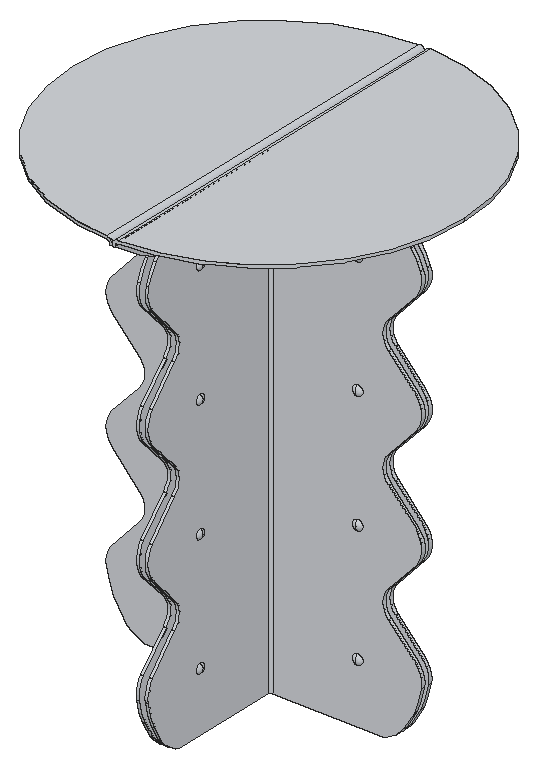
Revit family "YCSA.00.00.00.02", category Мебель, Revit 2014 (continued)
Forms (mm)
  Revolve 98, void
    sketch origin (96, -200, 370.5) x (0, -1, 0) y (0, 0, -1)
      loop
        line (-206, -66.75) -> (-200, -66.75) -> (-200, -64.25) -> (-206, -64.25) -> (-206, -66.75)
      axis (-200, -61.75) -> (-206, -61.75)
    angle from 0 to 360
  Extrusion 99, solid, not visible
    sketch origin (0, -31.862, 123.5) x (1, 0, 0) y (0, 0, 1)
      loop
        circle (-96, 61.75) r 5
    from 0 to 9
  Revolve 100, void, not visible
    sketch origin (-96, 168.138, 123.5) x (0, 1, 0) y (0, 0, 1)
      loop
        line (-206, 66.75) -> (-209, 66.75) -> (-209, 61.75)
        arc (-209, 61.75) -> (-208.192, 64.665) -> (-206, 66.75) r 5.667
      axis (-209, 61.75) -> (-206, 61.75)
    angle from 0 to 360
  Revolve 101, void, not visible
    sketch origin (-96, 168.138, 123.5) x (0, 1, 0) y (0, 0, 1)
      loop
        line (-206, 66.75) -> (-206, 64.25) -> (-200, 64.25) -> (-200, 66.75) -> (-206, 66.75)
      axis (-200, 61.75) -> (-206, 61.75)
    angle from 0 to 360
  Extrusion 102, solid, not visible
    sketch origin (0, -31.862, 123.5) x (1, 0, 0) y (0, 0, -1)
      loop
        circle (-96, -61.75) r 5
    from 0 to 9
  Revolve 103, void, not visible
    sketch origin (-96, -231.862, 123.5) x (0, -1, 0) y (0, 0, -1)
      loop
        arc (-206, -66.75) -> (-208.192, -64.665) -> (-209, -61.75) r 5.667
        line (-209, -61.75) -> (-209, -66.75) -> (-206, -66.75)
      axis (-209, -61.75) -> (-206, -61.75)
    angle from 0 to 360
  Revolve 104, void, not visible
    sketch origin (-96, -231.862, 123.5) x (0, -1, 0) y (0, 0, -1)
      loop
        line (-206, -66.75) -> (-200, -66.75) -> (-200, -64.25) -> (-206, -64.25) -> (-206, -66.75)
      axis (-200, -61.75) -> (-206, -61.75)
    angle from 0 to 360
  Extrusion 105, solid, not visible
    sketch origin (192, -31.862, 123.5) x (1, 0, 0) y (0, 0, 1)
      loop
        circle (-96, 61.75) r 5
    from 0 to 9
  Revolve 106, void, not visible
    sketch origin (96, 168.138, 123.5) x (0, 1, 0) y (0, 0, 1)
      loop
        line (-206, 66.75) -> (-209, 66.75) -> (-209, 61.75)
        arc (-209, 61.75) -> (-208.192, 64.665) -> (-206, 66.75) r 5.667
      axis (-209, 61.75) -> (-206, 61.75)
    angle from 0 to 360
  Revolve 107, void, not visible
    sketch origin (96, 168.138, 123.5) x (0, 1, 0) y (0, 0, 1)
      loop
        line (-206, 66.75) -> (-206, 64.25) -> (-200, 64.25) -> (-200, 66.75) -> (-206, 66.75)
      axis (-200, 61.75) -> (-206, 61.75)
    angle from 0 to 360
  Extrusion 108, solid, not visible
    sketch origin (192, -31.862, 123.5) x (1, 0, 0) y (0, 0, -1)
      loop
        circle (-96, -61.75) r 5
    from 0 to 9
  Revolve 109, void, not visible
    sketch origin (96, -231.862, 123.5) x (0, -1, 0) y (0, 0, -1)
      loop
        arc (-206, -66.75) -> (-208.192, -64.665) -> (-209, -61.75) r 5.667
        line (-209, -61.75) -> (-209, -66.75) -> (-206, -66.75)
      axis (-209, -61.75) -> (-206, -61.75)
    angle from 0 to 360
  Revolve 110, void, not visible
    sketch origin (96, -231.862, 123.5) x (0, -1, 0) y (0, 0, -1)
      loop
        line (-206, -66.75) -> (-200, -66.75) -> (-200, -64.25) -> (-206, -64.25) -> (-206, -66.75)
      axis (-200, -61.75) -> (-206, -61.75)
    angle from 0 to 360
  Extrusion 111, solid, not visible
    sketch origin (0, -31.862, 247) x (1, 0, 0) y (0, 0, 1)
      loop
        circle (-96, 61.75) r 5
    from 0 to 9
  Revolve 112, void, not visible
    sketch origin (-96, 168.138, 247) x (0, 1, 0) y (0, 0, 1)
      loop
        line (-206, 66.75) -> (-209, 66.75) -> (-209, 61.75)
        arc (-209, 61.75) -> (-208.192, 64.665) -> (-206, 66.75) r 5.667
      axis (-209, 61.75) -> (-206, 61.75)
    angle from 0 to 360
  Revolve 113, void, not visible
    sketch origin (-96, 168.138, 247) x (0, 1, 0) y (0, 0, 1)
      loop
        line (-206, 66.75) -> (-206, 64.25) -> (-200, 64.25) -> (-200, 66.75) -> (-206, 66.75)
      axis (-200, 61.75) -> (-206, 61.75)
    angle from 0 to 360
  Extrusion 114, solid, not visible
    sketch origin (0, -31.862, 247) x (1, 0, 0) y (0, 0, -1)
      loop
        circle (-96, -61.75) r 5
    from 0 to 9
  Revolve 115, void, not visible
    sketch origin (-96, -231.862, 247) x (0, -1, 0) y (0, 0, -1)
      loop
        arc (-206, -66.75) -> (-208.192, -64.665) -> (-209, -61.75) r 5.667
        line (-209, -61.75) -> (-209, -66.75) -> (-206, -66.75)
      axis (-209, -61.75) -> (-206, -61.75)
    angle from 0 to 360
  Revolve 116, void, not visible
    sketch origin (-96, -231.862, 247) x (0, -1, 0) y (0, 0, -1)
      loop
        line (-206, -66.75) -> (-200, -66.75) -> (-200, -64.25) -> (-206, -64.25) -> (-206, -66.75)
      axis (-200, -61.75) -> (-206, -61.75)
    angle from 0 to 360
  Extrusion 117, solid, not visible
    sketch origin (192, -31.862, 247) x (1, 0, 0) y (0, 0, 1)
      loop
        circle (-96, 61.75) r 5
    from 0 to 9
  Revolve 118, void, not visible
    sketch origin (96, 168.138, 247) x (0, 1, 0) y (0, 0, 1)
      loop
        line (-206, 66.75) -> (-209, 66.75) -> (-209, 61.75)
        arc (-209, 61.75) -> (-208.192, 64.665) -> (-206, 66.75) r 5.667
      axis (-209, 61.75) -> (-206, 61.75)
    angle from 0 to 360
  Revolve 119, void, not visible
    sketch origin (96, 168.138, 247) x (0, 1, 0) y (0, 0, 1)
      loop
        line (-206, 66.75) -> (-206, 64.25) -> (-200, 64.25) -> (-200, 66.75) -> (-206, 66.75)
      axis (-200, 61.75) -> (-206, 61.75)
    angle from 0 to 360
  Extrusion 120, solid, not visible
    sketch origin (192, -31.862, 247) x (1, 0, 0) y (0, 0, -1)
      loop
        circle (-96, -61.75) r 5
    from 0 to 9
  Revolve 121, void, not visible
    sketch origin (96, -231.862, 247) x (0, -1, 0) y (0, 0, -1)
      loop
        arc (-206, -66.75) -> (-208.192, -64.665) -> (-209, -61.75) r 5.667
        line (-209, -61.75) -> (-209, -66.75) -> (-206, -66.75)
      axis (-209, -61.75) -> (-206, -61.75)
    angle from 0 to 360
  Revolve 122, void, not visible
    sketch origin (96, -231.862, 247) x (0, -1, 0) y (0, 0, -1)
      loop
        line (-206, -66.75) -> (-200, -66.75) -> (-200, -64.25) -> (-206, -64.25) -> (-206, -66.75)
      axis (-200, -61.75) -> (-206, -61.75)
    angle from 0 to 360
  Extrusion 123, solid, not visible
    sketch origin (0, -31.862, 370.5) x (1, 0, 0) y (0, 0, 1)
      loop
        circle (-96, 61.75) r 5
    from 0 to 9
  Revolve 124, void, not visible
    sketch origin (-96, 168.138, 370.5) x (0, 1, 0) y (0, 0, 1)
      loop
        line (-206, 66.75) -> (-209, 66.75) -> (-209, 61.75)
        arc (-209, 61.75) -> (-208.192, 64.665) -> (-206, 66.75) r 5.667
      axis (-209, 61.75) -> (-206, 61.75)
    angle from 0 to 360
  Revolve 125, void, not visible
    sketch origin (-96, 168.138, 370.5) x (0, 1, 0) y (0, 0, 1)
      loop
        line (-206, 66.75) -> (-206, 64.25) -> (-200, 64.25) -> (-200, 66.75) -> (-206, 66.75)
      axis (-200, 61.75) -> (-206, 61.75)
    angle from 0 to 360
  Extrusion 126, solid, not visible
    sketch origin (0, -31.862, 370.5) x (1, 0, 0) y (0, 0, -1)
      loop
        circle (-96, -61.75) r 5
    from 0 to 9
  Revolve 127, void, not visible
    sketch origin (-96, -231.862, 370.5) x (0, -1, 0) y (0, 0, -1)
      loop
        arc (-206, -66.75) -> (-208.192, -64.665) -> (-209, -61.75) r 5.667
        line (-209, -61.75) -> (-209, -66.75) -> (-206, -66.75)
      axis (-209, -61.75) -> (-206, -61.75)
    angle from 0 to 360
  Revolve 128, void, not visible
    sketch origin (-96, -231.862, 370.5) x (0, -1, 0) y (0, 0, -1)
      loop
        line (-206, -66.75) -> (-200, -66.75) -> (-200, -64.25) -> (-206, -64.25) -> (-206, -66.75)
      axis (-200, -61.75) -> (-206, -61.75)
    angle from 0 to 360
  Extrusion 129, solid, not visible
    sketch origin (192, -31.862, 370.5) x (1, 0, 0) y (0, 0, 1)
      loop
        circle (-96, 61.75) r 5
    from 0 to 9
  Revolve 130, void, not visible
    sketch origin (96, 168.138, 370.5) x (0, 1, 0) y (0, 0, 1)
      loop
        line (-206, 66.75) -> (-209, 66.75) -> (-209, 61.75)
        arc (-209, 61.75) -> (-208.192, 64.665) -> (-206, 66.75) r 5.667
      axis (-209, 61.75) -> (-206, 61.75)
    angle from 0 to 360
  Revolve 131, void, not visible
    sketch origin (96, 168.138, 370.5) x (0, 1, 0) y (0, 0, 1)
      loop
        line (-206, 66.75) -> (-206, 64.25) -> (-200, 64.25) -> (-200, 66.75) -> (-206, 66.75)
      axis (-200, 61.75) -> (-206, 61.75)
    angle from 0 to 360
  Extrusion 132, solid, not visible
    sketch origin (192, -31.862, 370.5) x (1, 0, 0) y (0, 0, -1)
      loop
        circle (-96, -61.75) r 5
    from 0 to 9
  Revolve 133, void, not visible
    sketch origin (96, -231.862, 370.5) x (0, -1, 0) y (0, 0, -1)
      loop
        arc (-206, -66.75) -> (-208.192, -64.665) -> (-209, -61.75) r 5.667
        line (-209, -61.75) -> (-209, -66.75) -> (-206, -66.75)
      axis (-209, -61.75) -> (-206, -61.75)
    angle from 0 to 360
  Revolve 134, void, not visible
    sketch origin (96, -231.862, 370.5) x (0, -1, 0) y (0, 0, -1)
      loop
        line (-206, -66.75) -> (-200, -66.75) -> (-200, -64.25) -> (-206, -64.25) -> (-206, -66.75)
      axis (-200, -61.75) -> (-206, -61.75)
    angle from 0 to 360
  Extrusion 135, solid
    sketch origin (0, 0, 0) x (0, -1, 0) y (0, 0, 1)
      loop
        circle (-96, 61.75) r 5
    from 0 to 9
  Revolve 136, void
    sketch origin (200, 96, 0) x (1, 0, 0) y (0, 0, 1)
      loop
        line (-206, 66.75) -> (-209, 66.75) -> (-209, 61.75)
        arc (-209, 61.75) -> (-208.192, 64.665) -> (-206, 66.75) r 5.667
      axis (-209, 61.75) -> (-206, 61.75)
    angle from 0 to 360
  Revolve 137, void
    sketch origin (200, 96, 0) x (1, 0, 0) y (0, 0, 1)
      loop
        line (-206, 66.75) -> (-206, 64.25) -> (-200, 64.25) -> (-200, 66.75) -> (-206, 66.75)
      axis (-200, 61.75) -> (-206, 61.75)
    angle from 0 to 360
  Extrusion 138, solid
    sketch origin (0, 0, 0) x (0, -1, 0) y (0, 0, -1)
      loop
        circle (-96, -61.75) r 5
    from 0 to 9
  Revolve 139, void
    sketch origin (-200, 96, 0) x (-1, 0, 0) y (0, 0, -1)
      loop
        arc (-206, -66.75) -> (-208.192, -64.665) -> (-209, -61.75) r 5.667
        line (-209, -61.75) -> (-209, -66.75) -> (-206, -66.75)
      axis (-209, -61.75) -> (-206, -61.75)
    angle from 0 to 360
  Revolve 140, void
    sketch origin (-200, 96, 0) x (-1, 0, 0) y (0, 0, -1)
      loop
        line (-206, -66.75) -> (-200, -66.75) -> (-200, -64.25) -> (-206, -64.25) -> (-206, -66.75)
      axis (-200, -61.75) -> (-206, -61.75)
    angle from 0 to 360
  Extrusion 141, solid
    sketch origin (0, -192, 0) x (0, -1, 0) y (0, 0, 1)
      loop
        circle (-96, 61.75) r 5
    from 0 to 9
  Revolve 142, void
    sketch origin (200, -96, 0) x (1, 0, 0) y (0, 0, 1)
      loop
        line (-206, 66.75) -> (-209, 66.75) -> (-209, 61.75)
        arc (-209, 61.75) -> (-208.192, 64.665) -> (-206, 66.75) r 5.667
      axis (-209, 61.75) -> (-206, 61.75)
    angle from 0 to 360
  Revolve 143, void
    sketch origin (200, -96, 0) x (1, 0, 0) y (0, 0, 1)
      loop
        line (-206, 66.75) -> (-206, 64.25) -> (-200, 64.25) -> (-200, 66.75) -> (-206, 66.75)
      axis (-200, 61.75) -> (-206, 61.75)
    angle from 0 to 360
  Extrusion 144, solid
    sketch origin (0, -192, 0) x (0, -1, 0) y (0, 0, -1)
      loop
        circle (-96, -61.75) r 5
    from 0 to 9
  Revolve 145, void
    sketch origin (-200, -96, 0) x (-1, 0, 0) y (0, 0, -1)
      loop
        arc (-206, -66.75) -> (-208.192, -64.665) -> (-209, -61.75) r 5.667
        line (-209, -61.75) -> (-209, -66.75) -> (-206, -66.75)
      axis (-209, -61.75) -> (-206, -61.75)
    angle from 0 to 360
  Revolve 146, void
    sketch origin (-200, -96, 0) x (-1, 0, 0) y (0, 0, -1)
      loop
        line (-206, -66.75) -> (-200, -66.75) -> (-200, -64.25) -> (-206, -64.25) -> (-206, -66.75)
      axis (-200, -61.75) -> (-206, -61.75)
    angle from 0 to 360
  Extrusion 147, solid
    sketch origin (0, 0, 123.5) x (0, -1, 0) y (0, 0, 1)
      loop
        circle (-96, 61.75) r 5
    from 0 to 9
  Revolve 148, void
    sketch origin (200, 96, 123.5) x (1, 0, 0) y (0, 0, 1)
      loop
        line (-206, 66.75) -> (-209, 66.75) -> (-209, 61.75)
        arc (-209, 61.75) -> (-208.192, 64.665) -> (-206, 66.75) r 5.667
      axis (-209, 61.75) -> (-206, 61.75)
    angle from 0 to 360
  Revolve 149, void
    sketch origin (200, 96, 123.5) x (1, 0, 0) y (0, 0, 1)
      loop
        line (-206, 66.75) -> (-206, 64.25) -> (-200, 64.25) -> (-200, 66.75) -> (-206, 66.75)
      axis (-200, 61.75) -> (-206, 61.75)
    angle from 0 to 360
  Extrusion 150, solid
    sketch origin (0, 0, 123.5) x (0, -1, 0) y (0, 0, -1)
      loop
        circle (-96, -61.75) r 5
    from 0 to 9
  Revolve 151, void
    sketch origin (-200, 96, 123.5) x (-1, 0, 0) y (0, 0, -1)
      loop
        arc (-206, -66.75) -> (-208.192, -64.665) -> (-209, -61.75) r 5.667
        line (-209, -61.75) -> (-209, -66.75) -> (-206, -66.75)
      axis (-209, -61.75) -> (-206, -61.75)
    angle from 0 to 360
  Revolve 152, void
    sketch origin (-200, 96, 123.5) x (-1, 0, 0) y (0, 0, -1)
      loop
        line (-206, -66.75) -> (-200, -66.75) -> (-200, -64.25) -> (-206, -64.25) -> (-206, -66.75)
      axis (-200, -61.75) -> (-206, -61.75)
    angle from 0 to 360
  Extrusion 153, solid
    sketch origin (0, -192, 123.5) x (0, -1, 0) y (0, 0, 1)
      loop
        circle (-96, 61.75) r 5
    from 0 to 9
  Revolve 154, void
    sketch origin (200, -96, 123.5) x (1, 0, 0) y (0, 0, 1)
      loop
        line (-206, 66.75) -> (-209, 66.75) -> (-209, 61.75)
        arc (-209, 61.75) -> (-208.192, 64.665) -> (-206, 66.75) r 5.667
      axis (-209, 61.75) -> (-206, 61.75)
    angle from 0 to 360
  Revolve 155, void
    sketch origin (200, -96, 123.5) x (1, 0, 0) y (0, 0, 1)
      loop
        line (-206, 66.75) -> (-206, 64.25) -> (-200, 64.25) -> (-200, 66.75) -> (-206, 66.75)
      axis (-200, 61.75) -> (-206, 61.75)
    angle from 0 to 360
  Extrusion 156, solid
    sketch origin (0, -192, 123.5) x (0, -1, 0) y (0, 0, -1)
      loop
        circle (-96, -61.75) r 5
    from 0 to 9
  Revolve 157, void
    sketch origin (-200, -96, 123.5) x (-1, 0, 0) y (0, 0, -1)
      loop
        arc (-206, -66.75) -> (-208.192, -64.665) -> (-209, -61.75) r 5.667
        line (-209, -61.75) -> (-209, -66.75) -> (-206, -66.75)
      axis (-209, -61.75) -> (-206, -61.75)
    angle from 0 to 360
  Revolve 158, void
    sketch origin (-200, -96, 123.5) x (-1, 0, 0) y (0, 0, -1)
      loop
        line (-206, -66.75) -> (-200, -66.75) -> (-200, -64.25) -> (-206, -64.25) -> (-206, -66.75)
      axis (-200, -61.75) -> (-206, -61.75)
    angle from 0 to 360
  Extrusion 159, solid
    sketch origin (0, 0, 247) x (0, -1, 0) y (0, 0, 1)
      loop
        circle (-96, 61.75) r 5
    from 0 to 9
  Revolve 160, void
    sketch origin (200, 96, 247) x (1, 0, 0) y (0, 0, 1)
      loop
        line (-206, 66.75) -> (-209, 66.75) -> (-209, 61.75)
        arc (-209, 61.75) -> (-208.192, 64.665) -> (-206, 66.75) r 5.667
      axis (-209, 61.75) -> (-206, 61.75)
    angle from 0 to 360
  Revolve 161, void
    sketch origin (200, 96, 247) x (1, 0, 0) y (0, 0, 1)
      loop
        line (-206, 66.75) -> (-206, 64.25) -> (-200, 64.25) -> (-200, 66.75) -> (-206, 66.75)
      axis (-200, 61.75) -> (-206, 61.75)
    angle from 0 to 360
  Extrusion 162, solid
    sketch origin (0, 0, 247) x (0, -1, 0) y (0, 0, -1)
      loop
        circle (-96, -61.75) r 5
    from 0 to 9
  Revolve 163, void
    sketch origin (-200, 96, 247) x (-1, 0, 0) y (0, 0, -1)
      loop
        arc (-206, -66.75) -> (-208.192, -64.665) -> (-209, -61.75) r 5.667
        line (-209, -61.75) -> (-209, -66.75) -> (-206, -66.75)
      axis (-209, -61.75) -> (-206, -61.75)
    angle from 0 to 360
  Revolve 164, void
    sketch origin (-200, 96, 247) x (-1, 0, 0) y (0, 0, -1)
      loop
        line (-206, -66.75) -> (-200, -66.75) -> (-200, -64.25) -> (-206, -64.25) -> (-206, -66.75)
      axis (-200, -61.75) -> (-206, -61.75)
    angle from 0 to 360
  Extrusion 165, solid
    sketch origin (0, -192, 247) x (0, -1, 0) y (0, 0, 1)
      loop
        circle (-96, 61.75) r 5
    from 0 to 9
  Revolve 166, void
    sketch origin (200, -96, 247) x (1, 0, 0) y (0, 0, 1)
      loop
        line (-206, 66.75) -> (-209, 66.75) -> (-209, 61.75)
        arc (-209, 61.75) -> (-208.192, 64.665) -> (-206, 66.75) r 5.667
      axis (-209, 61.75) -> (-206, 61.75)
    angle from 0 to 360
  Revolve 167, void
    sketch origin (200, -96, 247) x (1, 0, 0) y (0, 0, 1)
      loop
        line (-206, 66.75) -> (-206, 64.25) -> (-200, 64.25) -> (-200, 66.75) -> (-206, 66.75)
      axis (-200, 61.75) -> (-206, 61.75)
    angle from 0 to 360
  Extrusion 168, solid
    sketch origin (0, -192, 247) x (0, -1, 0) y (0, 0, -1)
      loop
        circle (-96, -61.75) r 5
    from 0 to 9
  Revolve 169, void
    sketch origin (-200, -96, 247) x (-1, 0, 0) y (0, 0, -1)
      loop
        arc (-206, -66.75) -> (-208.192, -64.665) -> (-209, -61.75) r 5.667
        line (-209, -61.75) -> (-209, -66.75) -> (-206, -66.75)
      axis (-209, -61.75) -> (-206, -61.75)
    angle from 0 to 360
  Revolve 170, void
    sketch origin (-200, -96, 247) x (-1, 0, 0) y (0, 0, -1)
      loop
        line (-206, -66.75) -> (-200, -66.75) -> (-200, -64.25) -> (-206, -64.25) -> (-206, -66.75)
      axis (-200, -61.75) -> (-206, -61.75)
    angle from 0 to 360
  Extrusion 171, solid
    sketch origin (0, 0, 370.5) x (0, -1, 0) y (0, 0, 1)
      loop
        circle (-96, 61.75) r 5
    from 0 to 9
  Revolve 172, void
    sketch origin (200, 96, 370.5) x (1, 0, 0) y (0, 0, 1)
      loop
        line (-206, 66.75) -> (-209, 66.75) -> (-209, 61.75)
        arc (-209, 61.75) -> (-208.192, 64.665) -> (-206, 66.75) r 5.667
      axis (-209, 61.75) -> (-206, 61.75)
    angle from 0 to 360
  Revolve 173, void
    sketch origin (200, 96, 370.5) x (1, 0, 0) y (0, 0, 1)
      loop
        line (-206, 66.75) -> (-206, 64.25) -> (-200, 64.25) -> (-200, 66.75) -> (-206, 66.75)
      axis (-200, 61.75) -> (-206, 61.75)
    angle from 0 to 360
  Extrusion 174, solid
    sketch origin (0, 0, 370.5) x (0, -1, 0) y (0, 0, -1)
      loop
        circle (-96, -61.75) r 5
    from 0 to 9
  Revolve 175, void
    sketch origin (-200, 96, 370.5) x (-1, 0, 0) y (0, 0, -1)
      loop
        arc (-206, -66.75) -> (-208.192, -64.665) -> (-209, -61.75) r 5.667
        line (-209, -61.75) -> (-209, -66.75) -> (-206, -66.75)
      axis (-209, -61.75) -> (-206, -61.75)
    angle from 0 to 360
  Revolve 176, void
    sketch origin (-200, 96, 370.5) x (-1, 0, 0) y (0, 0, -1)
      loop
        line (-206, -66.75) -> (-200, -66.75) -> (-200, -64.25) -> (-206, -64.25) -> (-206, -66.75)
      axis (-200, -61.75) -> (-206, -61.75)
    angle from 0 to 360
  Extrusion 177, solid
    sketch origin (0, -192, 370.5) x (0, -1, 0) y (0, 0, 1)
      loop
        circle (-96, 61.75) r 5
    from 0 to 9
  Revolve 178, void
    sketch origin (200, -96, 370.5) x (1, 0, 0) y (0, 0, 1)
      loop
        line (-206, 66.75) -> (-209, 66.75) -> (-209, 61.75)
        arc (-209, 61.75) -> (-208.192, 64.665) -> (-206, 66.75) r 5.667
      axis (-209, 61.75) -> (-206, 61.75)
    angle from 0 to 360
  Revolve 179, void
    sketch origin (200, -96, 370.5) x (1, 0, 0) y (0, 0, 1)
      loop
        line (-206, 66.75) -> (-206, 64.25) -> (-200, 64.25) -> (-200, 66.75) -> (-206, 66.75)
      axis (-200, 61.75) -> (-206, 61.75)
    angle from 0 to 360
  Extrusion 180, solid
    sketch origin (0, -192, 370.5) x (0, -1, 0) y (0, 0, -1)
      loop
        circle (-96, -61.75) r 5
    from 0 to 9
  Revolve 181, void
    sketch origin (-200, -96, 370.5) x (-1, 0, 0) y (0, 0, -1)
      loop
        arc (-206, -66.75) -> (-208.192, -64.665) -> (-209, -61.75) r 5.667
        line (-209, -61.75) -> (-209, -66.75) -> (-206, -66.75)
      axis (-209, -61.75) -> (-206, -61.75)
    angle from 0 to 360
  Revolve 182, void
    sketch origin (-200, -96, 370.5) x (-1, 0, 0) y (0, 0, -1)
      loop
        line (-206, -66.75) -> (-200, -66.75) -> (-200, -64.25) -> (-206, -64.25) -> (-206, -66.75)
      axis (-200, -61.75) -> (-206, -61.75)
    angle from 0 to 360
Cuts and joins
  Extrusion 2, Extrusion 3, Extrusion 4, Extrusion 10, Extrusion 11, Extrusion 12, Extrusion 21 cuts Extrusion 1
  Extrusion 10, Extrusion 11, Extrusion 12 cuts Extrusion 9
  Extrusion 14, Extrusion 15, Extrusion 17, Extrusion 18, Revolve 53, Revolve 137, Revolve 149, Revolve 161, Revolve 173 cuts Extrusion 13
  Extrusion 17, Extrusion 18, Extrusion 20, Extrusion 21, Revolve 56, Revolve 140, Revolve 152, Revolve 164, Revolve 176 cuts Extrusion 16
  Extrusion 20, Extrusion 21, Extrusion 23, Extrusion 24, Revolve 146, Revolve 158, Revolve 170, Revolve 182 cuts Extrusion 19
  Extrusion 23, Extrusion 24, Revolve 143, Revolve 155, Revolve 167, Revolve 179 cuts Extrusion 22
  Revolve 40, Revolve 41, Revolve 43, Revolve 44, Revolve 52, Revolve 53, Revolve 64, Revolve 65, Revolve 136, Revolve 137 cuts Extrusion 39
  Revolve 43, Revolve 44, Revolve 55, Revolve 56, Revolve 67, Revolve 68, Revolve 139, Revolve 140 cuts Extrusion 42
  Revolve 52, Revolve 53, Revolve 70, Revolve 71, Revolve 142, Revolve 143 cuts Extrusion 51
  Revolve 53, Revolve 55, Revolve 56, Revolve 73, Revolve 74, Revolve 145, Revolve 146 cuts Extrusion 54
  Revolve 64, Revolve 65, Revolve 76, Revolve 77, Revolve 80, Revolve 148, Revolve 149 cuts Extrusion 63
  Revolve 137, Revolve 140, Revolve 143, Revolve 146, Revolve 149, Revolve 152, Revolve 155, Revolve 158, Revolve 161, Revolve 164, Revolve 167, Revolve 170, Revolve 173, Revolve 176, Revolve 179, Revolve 182 cuts Extrusion 38
  Revolve 65, Revolve 67, Revolve 68, Revolve 77, Revolve 79, Revolve 80, Revolve 151, Revolve 152 cuts Extrusion 66
  Revolve 70, Revolve 71, Revolve 82, Revolve 83, Revolve 86, Revolve 154, Revolve 155 cuts Extrusion 69
  Revolve 67, Revolve 71, Revolve 73, Revolve 74, Revolve 83, Revolve 85, Revolve 86, Revolve 157, Revolve 158 cuts Extrusion 72
  Revolve 76, Revolve 77, Revolve 88, Revolve 89, Revolve 92, Revolve 160, Revolve 161 cuts Extrusion 75
  Revolve 77, Revolve 79, Revolve 80, Revolve 89, Revolve 91, Revolve 92, Revolve 163, Revolve 164 cuts Extrusion 78
  Revolve 82, Revolve 83, Revolve 94, Revolve 95, Revolve 98, Revolve 166, Revolve 167 cuts Extrusion 81
  Revolve 83, Revolve 85, Revolve 86, Revolve 95, Revolve 97, Revolve 98, Revolve 169, Revolve 170 cuts Extrusion 84
  Revolve 88, Revolve 89, Revolve 172, Revolve 173 cuts Extrusion 87
  Revolve 89, Revolve 91, Revolve 92, Revolve 175, Revolve 176 cuts Extrusion 90
  Revolve 94, Revolve 95, Revolve 178, Revolve 179 cuts Extrusion 93
  Revolve 91, Revolve 95, Revolve 97, Revolve 98, Revolve 181, Revolve 182 cuts Extrusion 96
  Revolve 136, Revolve 137 cuts Extrusion 135
  Revolve 137, Revolve 139, Revolve 140 cuts Extrusion 138
  Revolve 142, Revolve 143 cuts Extrusion 141
  Revolve 143, Revolve 145, Revolve 146 cuts Extrusion 144
  Revolve 148, Revolve 149 cuts Extrusion 147
  Revolve 149, Revolve 151, Revolve 152 cuts Extrusion 150
  Revolve 154, Revolve 155 cuts Extrusion 153
  Revolve 155, Revolve 157, Revolve 158 cuts Extrusion 156
  Revolve 160, Revolve 161 cuts Extrusion 159
  Revolve 161, Revolve 163, Revolve 164 cuts Extrusion 162
  Revolve 166, Revolve 167 cuts Extrusion 165
  Revolve 167, Revolve 169, Revolve 170 cuts Extrusion 168
  Revolve 172, Revolve 173 cuts Extrusion 171
  Revolve 173, Revolve 175, Revolve 176 cuts Extrusion 174
  Revolve 178, Revolve 179 cuts Extrusion 177
  Revolve 179, Revolve 181, Revolve 182 cuts Extrusion 180
Dimensions and locks
  equal spacing: plane 5, plane 3 "По центру (Влево/Вправо)", plane 4, locked at 200 each
  equal spacing: plane 6, plane 1 "По центру (Вперед/Назад)", plane 7, locked at 200 each
  "Diameter": plane 6 to plane 7
  "Diameter": plane 5 to plane 4
  locked: plane 11 to plane 8 at 324
  equal spacing: plane 11, plane 3 "По центру (Влево/Вправо)", plane 8, locked at 162 each
  locked: plane 10 to plane 9 at 192
  equal spacing: plane 13, plane 1 "По центру (Вперед/Назад)", plane 12, locked at 162 each
  locked: plane 13 to plane 12 at 324
  locked: plane 14 to plane 15 at 192
  "Height": plane 16 to level
  equal spacing: plane 18, plane 19, plane 25, plane 20, plane 24, plane 21, plane 23, plane 22, level, locked at 61.75 each
  aligned and locked: level to plane 2
Automatic sketch dimensions
  Extrusion 1 sketch curve to Extrusion 1 sketch curve = 2.981 mm
  Extrusion 1 sketch curve to Extrusion 1 sketch curve = 84.019 mm
  Extrusion 4 sketch curve to Extrusion 4 sketch curve = 10 mm
  Extrusion 1 sketch curve to Extrusion 1 sketch curve = 0 mm  (x4)
  Extrusion 1 sketch curve to Extrusion 1 sketch curve = 194.019 mm
  Extrusion 1 sketch curve to Extrusion 1 sketch curve = 3 mm
  Extrusion 3 sketch curve to Extrusion 3 sketch curve = 200 mm
  Extrusion 3 sketch curve to Extrusion 3 sketch curve = 10 mm
  Extrusion 4 sketch curve to Extrusion 4 sketch curve = 200 mm
  Extrusion 5 sketch curve to Extrusion 5 sketch curve = 2.981 mm
  Extrusion 5 sketch curve to Extrusion 5 sketch curve = 84.019 mm
  Extrusion 8 sketch curve to Extrusion 8 sketch curve = 10 mm
  Extrusion 5 sketch curve to Extrusion 5 sketch curve = 0 mm  (x4)
  Extrusion 5 sketch curve to Extrusion 5 sketch curve = 194.019 mm
  Extrusion 5 sketch curve to Extrusion 5 sketch curve = 3 mm
  Extrusion 7 sketch curve to Extrusion 7 sketch curve = 200 mm
  Extrusion 7 sketch curve to Extrusion 7 sketch curve = 10 mm
  Extrusion 8 sketch curve to Extrusion 8 sketch curve = 200 mm
  Extrusion 9 sketch curve to Extrusion 9 sketch curve = 2.981 mm
  Extrusion 9 sketch curve to Extrusion 9 sketch curve = 84.019 mm
  Extrusion 12 sketch curve to Extrusion 12 sketch curve = 10 mm
  Extrusion 9 sketch curve to Extrusion 9 sketch curve = 0 mm  (x4)
  Extrusion 9 sketch curve to Extrusion 9 sketch curve = 194.019 mm
  Extrusion 9 sketch curve to Extrusion 9 sketch curve = 3 mm
  Extrusion 11 sketch curve to Extrusion 11 sketch curve = 200 mm
  Extrusion 11 sketch curve to Extrusion 11 sketch curve = 10 mm
  Extrusion 12 sketch curve to Extrusion 12 sketch curve = 200 mm
  Extrusion 13 sketch curve to Extrusion 13 sketch curve = 0 mm  (x4)
  Extrusion 13 sketch curve to Extrusion 13 sketch curve = 3 mm  (x2)
  Extrusion 14 sketch curve to Extrusion 14 sketch curve = 0 mm  (x23)
  Extrusion 14 sketch curve to Extrusion 14 sketch curve = 3.334 mm
  Extrusion 14 sketch curve to Extrusion 14 sketch curve = 123.5 mm  (x4)
  Extrusion 14 sketch curve to Extrusion 14 sketch curve = 27.601 mm
  Extrusion 14 sketch curve to Extrusion 14 sketch curve = 5.878 mm
  Extrusion 15 sketch curve to Extrusion 15 sketch curve = 0 mm  (x24)
  Extrusion 15 sketch curve to Extrusion 15 sketch curve = 3.334 mm
  Extrusion 15 sketch curve to Extrusion 15 sketch curve = 123.5 mm  (x4)
  Extrusion 15 sketch curve to Extrusion 15 sketch curve = 21.723 mm
  Extrusion 15 sketch curve to Extrusion 15 sketch curve = 5.878 mm
  Extrusion 16 sketch curve to Extrusion 16 sketch curve = 0 mm  (x4)
  Extrusion 16 sketch curve to Extrusion 16 sketch curve = 3 mm  (x2)
  Extrusion 17 sketch curve to Extrusion 17 sketch curve = 0 mm  (x24)
  Extrusion 17 sketch curve to Extrusion 17 sketch curve = 3.334 mm
  Extrusion 17 sketch curve to Extrusion 17 sketch curve = 123.5 mm  (x4)
  Extrusion 17 sketch curve to Extrusion 17 sketch curve = 21.723 mm
  Extrusion 17 sketch curve to Extrusion 17 sketch curve = 5.878 mm
  Extrusion 18 sketch curve to Extrusion 18 sketch curve = 0 mm  (x23)
  Extrusion 18 sketch curve to Extrusion 18 sketch curve = 3.334 mm
  Extrusion 18 sketch curve to Extrusion 18 sketch curve = 123.5 mm  (x4)
  Extrusion 18 sketch curve to Extrusion 18 sketch curve = 27.601 mm
  Extrusion 18 sketch curve to Extrusion 18 sketch curve = 5.878 mm
  Extrusion 19 sketch curve to Extrusion 19 sketch curve = 0 mm  (x4)
  Extrusion 19 sketch curve to Extrusion 19 sketch curve = 3 mm  (x2)
  Extrusion 20 sketch curve to Extrusion 20 sketch curve = 0 mm  (x23)
  Extrusion 20 sketch curve to Extrusion 20 sketch curve = 3.334 mm
  Extrusion 20 sketch curve to Extrusion 20 sketch curve = 123.5 mm  (x4)
  Extrusion 20 sketch curve to Extrusion 20 sketch curve = 27.601 mm
  Extrusion 20 sketch curve to Extrusion 20 sketch curve = 5.878 mm
  Extrusion 21 sketch curve to Extrusion 21 sketch curve = 0 mm  (x24)
  Extrusion 21 sketch curve to Extrusion 21 sketch curve = 3.334 mm
  Extrusion 21 sketch curve to Extrusion 21 sketch curve = 123.5 mm  (x4)
  Extrusion 21 sketch curve to Extrusion 21 sketch curve = 21.723 mm
  Extrusion 21 sketch curve to Extrusion 21 sketch curve = 5.878 mm
  Extrusion 22 sketch curve to Extrusion 22 sketch curve = 0 mm  (x4)
  Extrusion 22 sketch curve to Extrusion 22 sketch curve = 3 mm  (x2)
  Extrusion 23 sketch curve to Extrusion 23 sketch curve = 0 mm  (x24)
  Extrusion 23 sketch curve to Extrusion 23 sketch curve = 3.334 mm
  Extrusion 23 sketch curve to Extrusion 23 sketch curve = 123.5 mm  (x4)
  Extrusion 23 sketch curve to Extrusion 23 sketch curve = 21.723 mm
  Extrusion 23 sketch curve to Extrusion 23 sketch curve = 5.878 mm
  Extrusion 24 sketch curve to Extrusion 24 sketch curve = 0 mm  (x23)
  Extrusion 24 sketch curve to Extrusion 24 sketch curve = 3.334 mm
  Extrusion 24 sketch curve to Extrusion 24 sketch curve = 123.5 mm  (x4)
  Extrusion 24 sketch curve to Extrusion 24 sketch curve = 27.601 mm
  Extrusion 24 sketch curve to Extrusion 24 sketch curve = 5.878 mm
  Extrusion 13 sketch curve to Extrusion 13 sketch curve = 153 mm  (x2)
  Extrusion 14 sketch curve to Extrusion 14 sketch curve = 179.958 mm
  Extrusion 14 sketch curve to Extrusion 14 sketch curve = 57.781 mm
  Extrusion 14 sketch curve to Extrusion 14 sketch curve = 5.219 mm  (x4)
  Extrusion 14 sketch curve to Extrusion 14 sketch curve = 10.002 mm
  Extrusion 14 sketch curve to Extrusion 14 sketch curve = 15.002 mm
  Extrusion 14 sketch curve to Extrusion 14 sketch curve = 8.599 mm
  Extrusion 14 sketch curve to Extrusion 14 sketch curve = 36.058 mm
  Extrusion 14 sketch curve to Extrusion 14 sketch curve = 41 mm  (x2)
  Extrusion 14 sketch curve to Extrusion 14 sketch curve = 4.942 mm
  Extrusion 14 sketch curve to Extrusion 14 sketch curve = 14.064 mm
  Extrusion 14 sketch curve to Extrusion 14 sketch curve = 33.991 mm
  Extrusion 14 sketch curve to Extrusion 14 sketch curve = 593.354 mm
  Extrusion 14 sketch curve to Extrusion 14 sketch curve = 528.366 mm
  Extrusion 14 sketch curve to Extrusion 14 sketch curve = 207.218 mm
  Extrusion 14 sketch curve to Extrusion 14 sketch curve = 34.149 mm
  Extrusion 14 sketch curve to Extrusion 14 sketch curve = 21.723 mm
  Extrusion 14 sketch curve to Extrusion 14 sketch curve = 12.637 mm
  Extrusion 14 sketch curve to Extrusion 14 sketch curve = 61.75 mm  (x6)
  Extrusion 14 sketch curve to Extrusion 14 sketch curve = 49.276 mm
  Extrusion 14 sketch curve to Extrusion 14 sketch curve = 12.474 mm  (x2)
  Extrusion 14 sketch curve to Extrusion 14 sketch curve = 144.085 mm
  Extrusion 14 sketch curve to Extrusion 14 sketch curve = 268.968 mm
  Extrusion 14 sketch curve to Extrusion 14 sketch curve = 24.652 mm
  Extrusion 14 sketch curve to Extrusion 14 sketch curve = 9.945 mm
  Extrusion 14 sketch curve to Extrusion 14 sketch curve = 19 mm  (x3)
  Extrusion 14 sketch curve to Extrusion 14 sketch curve = 9.8 mm
  Extrusion 15 sketch curve to Extrusion 15 sketch curve = 179.958 mm
  Extrusion 15 sketch curve to Extrusion 15 sketch curve = 57.781 mm
  Extrusion 15 sketch curve to Extrusion 15 sketch curve = 5.219 mm  (x4)
  Extrusion 15 sketch curve to Extrusion 15 sketch curve = 10.002 mm
  Extrusion 15 sketch curve to Extrusion 15 sketch curve = 15.002 mm
  Extrusion 15 sketch curve to Extrusion 15 sketch curve = 8.599 mm
  Extrusion 15 sketch curve to Extrusion 15 sketch curve = 36.058 mm
  Extrusion 15 sketch curve to Extrusion 15 sketch curve = 41 mm  (x2)
  Extrusion 15 sketch curve to Extrusion 15 sketch curve = 4.942 mm
  Extrusion 15 sketch curve to Extrusion 15 sketch curve = 14.064 mm
  Extrusion 15 sketch curve to Extrusion 15 sketch curve = 33.991 mm
  Extrusion 15 sketch curve to Extrusion 15 sketch curve = 593.354 mm
  Extrusion 15 sketch curve to Extrusion 15 sketch curve = 528.366 mm
  Extrusion 15 sketch curve to Extrusion 15 sketch curve = 63.132 mm
  Extrusion 15 sketch curve to Extrusion 15 sketch curve = 144.085 mm
  Extrusion 15 sketch curve to Extrusion 15 sketch curve = 61.75 mm  (x7)
  Extrusion 15 sketch curve to Extrusion 15 sketch curve = 12.474 mm
  Extrusion 15 sketch curve to Extrusion 15 sketch curve = 49.113 mm
  Extrusion 15 sketch curve to Extrusion 15 sketch curve = 12.637 mm
  Extrusion 15 sketch curve to Extrusion 15 sketch curve = 34.149 mm
  Extrusion 15 sketch curve to Extrusion 15 sketch curve = 281.605 mm
  Extrusion 15 sketch curve to Extrusion 15 sketch curve = 24.652 mm
  Extrusion 15 sketch curve to Extrusion 15 sketch curve = 9.945 mm
  Extrusion 15 sketch curve to Extrusion 15 sketch curve = 19 mm  (x3)
  Extrusion 15 sketch curve to Extrusion 15 sketch curve = 9.8 mm
  Extrusion 16 sketch curve to Extrusion 16 sketch curve = 153 mm  (x2)
  Extrusion 17 sketch curve to Extrusion 17 sketch curve = 179.958 mm
  Extrusion 17 sketch curve to Extrusion 17 sketch curve = 57.781 mm
  Extrusion 17 sketch curve to Extrusion 17 sketch curve = 5.219 mm  (x4)
  Extrusion 17 sketch curve to Extrusion 17 sketch curve = 10.002 mm
  Extrusion 17 sketch curve to Extrusion 17 sketch curve = 15.002 mm
  Extrusion 17 sketch curve to Extrusion 17 sketch curve = 8.599 mm
  Extrusion 17 sketch curve to Extrusion 17 sketch curve = 36.058 mm
  Extrusion 17 sketch curve to Extrusion 17 sketch curve = 41 mm  (x2)
  Extrusion 17 sketch curve to Extrusion 17 sketch curve = 4.942 mm
  Extrusion 17 sketch curve to Extrusion 17 sketch curve = 14.064 mm
  Extrusion 17 sketch curve to Extrusion 17 sketch curve = 33.991 mm
  Extrusion 17 sketch curve to Extrusion 17 sketch curve = 593.354 mm
  Extrusion 17 sketch curve to Extrusion 17 sketch curve = 528.366 mm
  Extrusion 17 sketch curve to Extrusion 17 sketch curve = 63.132 mm
  Extrusion 17 sketch curve to Extrusion 17 sketch curve = 144.085 mm
  Extrusion 17 sketch curve to Extrusion 17 sketch curve = 61.75 mm  (x7)
  Extrusion 17 sketch curve to Extrusion 17 sketch curve = 12.474 mm
  Extrusion 17 sketch curve to Extrusion 17 sketch curve = 49.113 mm
  Extrusion 17 sketch curve to Extrusion 17 sketch curve = 12.637 mm
  Extrusion 17 sketch curve to Extrusion 17 sketch curve = 34.149 mm
  Extrusion 17 sketch curve to Extrusion 17 sketch curve = 281.605 mm
  Extrusion 17 sketch curve to Extrusion 17 sketch curve = 24.652 mm
  Extrusion 17 sketch curve to Extrusion 17 sketch curve = 9.945 mm
  Extrusion 17 sketch curve to Extrusion 17 sketch curve = 19 mm  (x3)
  Extrusion 17 sketch curve to Extrusion 17 sketch curve = 9.8 mm
  Extrusion 18 sketch curve to Extrusion 18 sketch curve = 179.958 mm
  Extrusion 18 sketch curve to Extrusion 18 sketch curve = 57.781 mm
  Extrusion 18 sketch curve to Extrusion 18 sketch curve = 5.219 mm  (x4)
  Extrusion 18 sketch curve to Extrusion 18 sketch curve = 10.002 mm
  Extrusion 18 sketch curve to Extrusion 18 sketch curve = 15.002 mm
  Extrusion 18 sketch curve to Extrusion 18 sketch curve = 8.599 mm
  Extrusion 18 sketch curve to Extrusion 18 sketch curve = 36.058 mm
  Extrusion 18 sketch curve to Extrusion 18 sketch curve = 41 mm  (x2)
  Extrusion 18 sketch curve to Extrusion 18 sketch curve = 4.942 mm
  Extrusion 18 sketch curve to Extrusion 18 sketch curve = 14.064 mm
  Extrusion 18 sketch curve to Extrusion 18 sketch curve = 33.991 mm
  Extrusion 18 sketch curve to Extrusion 18 sketch curve = 593.354 mm
  Extrusion 18 sketch curve to Extrusion 18 sketch curve = 528.366 mm
  Extrusion 18 sketch curve to Extrusion 18 sketch curve = 207.218 mm
  Extrusion 18 sketch curve to Extrusion 18 sketch curve = 34.149 mm
  Extrusion 18 sketch curve to Extrusion 18 sketch curve = 21.723 mm
  Extrusion 18 sketch curve to Extrusion 18 sketch curve = 12.637 mm
  Extrusion 18 sketch curve to Extrusion 18 sketch curve = 61.75 mm  (x6)
  Extrusion 18 sketch curve to Extrusion 18 sketch curve = 49.276 mm
  Extrusion 18 sketch curve to Extrusion 18 sketch curve = 12.474 mm  (x2)
  Extrusion 18 sketch curve to Extrusion 18 sketch curve = 144.085 mm
  Extrusion 18 sketch curve to Extrusion 18 sketch curve = 268.968 mm
  Extrusion 18 sketch curve to Extrusion 18 sketch curve = 24.652 mm
  Extrusion 18 sketch curve to Extrusion 18 sketch curve = 9.945 mm
  Extrusion 18 sketch curve to Extrusion 18 sketch curve = 19 mm  (x3)
  Extrusion 18 sketch curve to Extrusion 18 sketch curve = 9.8 mm
  Extrusion 19 sketch curve to Extrusion 19 sketch curve = 153 mm  (x2)
  Extrusion 20 sketch curve to Extrusion 20 sketch curve = 179.958 mm
  Extrusion 20 sketch curve to Extrusion 20 sketch curve = 57.781 mm
  Extrusion 20 sketch curve to Extrusion 20 sketch curve = 5.219 mm  (x4)
  Extrusion 20 sketch curve to Extrusion 20 sketch curve = 10.002 mm
  Extrusion 20 sketch curve to Extrusion 20 sketch curve = 15.002 mm
  Extrusion 20 sketch curve to Extrusion 20 sketch curve = 8.599 mm
  Extrusion 20 sketch curve to Extrusion 20 sketch curve = 36.058 mm
  Extrusion 20 sketch curve to Extrusion 20 sketch curve = 41 mm  (x2)
  Extrusion 20 sketch curve to Extrusion 20 sketch curve = 4.942 mm
  Extrusion 20 sketch curve to Extrusion 20 sketch curve = 14.064 mm
  Extrusion 20 sketch curve to Extrusion 20 sketch curve = 33.991 mm
  Extrusion 20 sketch curve to Extrusion 20 sketch curve = 593.354 mm
  Extrusion 20 sketch curve to Extrusion 20 sketch curve = 528.366 mm
  Extrusion 20 sketch curve to Extrusion 20 sketch curve = 207.218 mm
  Extrusion 20 sketch curve to Extrusion 20 sketch curve = 34.149 mm
  Extrusion 20 sketch curve to Extrusion 20 sketch curve = 21.723 mm
  Extrusion 20 sketch curve to Extrusion 20 sketch curve = 12.637 mm
  Extrusion 20 sketch curve to Extrusion 20 sketch curve = 61.75 mm  (x6)
  Extrusion 20 sketch curve to Extrusion 20 sketch curve = 49.276 mm
  Extrusion 20 sketch curve to Extrusion 20 sketch curve = 12.474 mm  (x2)
  Extrusion 20 sketch curve to Extrusion 20 sketch curve = 144.085 mm
  Extrusion 20 sketch curve to Extrusion 20 sketch curve = 268.968 mm
  Extrusion 20 sketch curve to Extrusion 20 sketch curve = 24.652 mm
  Extrusion 20 sketch curve to Extrusion 20 sketch curve = 9.945 mm
  Extrusion 20 sketch curve to Extrusion 20 sketch curve = 19 mm  (x3)
  Extrusion 20 sketch curve to Extrusion 20 sketch curve = 9.8 mm
  Extrusion 21 sketch curve to Extrusion 21 sketch curve = 179.958 mm
  Extrusion 21 sketch curve to Extrusion 21 sketch curve = 57.781 mm
  Extrusion 21 sketch curve to Extrusion 21 sketch curve = 5.219 mm  (x4)
  Extrusion 21 sketch curve to Extrusion 21 sketch curve = 10.002 mm
  Extrusion 21 sketch curve to Extrusion 21 sketch curve = 15.002 mm
  Extrusion 21 sketch curve to Extrusion 21 sketch curve = 8.599 mm
  Extrusion 21 sketch curve to Extrusion 21 sketch curve = 36.058 mm
  Extrusion 21 sketch curve to Extrusion 21 sketch curve = 41 mm  (x2)
  Extrusion 21 sketch curve to Extrusion 21 sketch curve = 4.942 mm
  Extrusion 21 sketch curve to Extrusion 21 sketch curve = 14.064 mm
  Extrusion 21 sketch curve to Extrusion 21 sketch curve = 33.991 mm
  Extrusion 21 sketch curve to Extrusion 21 sketch curve = 593.354 mm
  Extrusion 21 sketch curve to Extrusion 21 sketch curve = 528.366 mm
  Extrusion 21 sketch curve to Extrusion 21 sketch curve = 63.132 mm
  Extrusion 21 sketch curve to Extrusion 21 sketch curve = 144.085 mm
  Extrusion 21 sketch curve to Extrusion 21 sketch curve = 61.75 mm  (x7)
  Extrusion 21 sketch curve to Extrusion 21 sketch curve = 12.474 mm
  Extrusion 21 sketch curve to Extrusion 21 sketch curve = 49.113 mm
  Extrusion 21 sketch curve to Extrusion 21 sketch curve = 12.637 mm
  Extrusion 21 sketch curve to Extrusion 21 sketch curve = 34.149 mm
  Extrusion 21 sketch curve to Extrusion 21 sketch curve = 281.605 mm
  Extrusion 21 sketch curve to Extrusion 21 sketch curve = 24.652 mm
  Extrusion 21 sketch curve to Extrusion 21 sketch curve = 9.945 mm
  Extrusion 21 sketch curve to Extrusion 21 sketch curve = 19 mm  (x3)
  Extrusion 21 sketch curve to Extrusion 21 sketch curve = 9.8 mm
  Extrusion 22 sketch curve to Extrusion 22 sketch curve = 153 mm  (x2)
  Extrusion 23 sketch curve to Extrusion 23 sketch curve = 179.958 mm
  Extrusion 23 sketch curve to Extrusion 23 sketch curve = 57.781 mm
  Extrusion 23 sketch curve to Extrusion 23 sketch curve = 5.219 mm  (x4)
  Extrusion 23 sketch curve to Extrusion 23 sketch curve = 10.002 mm
  Extrusion 23 sketch curve to Extrusion 23 sketch curve = 15.002 mm
  Extrusion 23 sketch curve to Extrusion 23 sketch curve = 8.599 mm
  Extrusion 23 sketch curve to Extrusion 23 sketch curve = 36.058 mm
  Extrusion 23 sketch curve to Extrusion 23 sketch curve = 41 mm  (x2)
  Extrusion 23 sketch curve to Extrusion 23 sketch curve = 4.942 mm
  Extrusion 23 sketch curve to Extrusion 23 sketch curve = 14.064 mm
  Extrusion 23 sketch curve to Extrusion 23 sketch curve = 33.991 mm
  Extrusion 23 sketch curve to Extrusion 23 sketch curve = 593.354 mm
  Extrusion 23 sketch curve to Extrusion 23 sketch curve = 528.366 mm
  Extrusion 23 sketch curve to Extrusion 23 sketch curve = 63.132 mm
  Extrusion 23 sketch curve to Extrusion 23 sketch curve = 144.085 mm
  Extrusion 23 sketch curve to Extrusion 23 sketch curve = 61.75 mm  (x7)
  Extrusion 23 sketch curve to Extrusion 23 sketch curve = 12.474 mm
  Extrusion 23 sketch curve to Extrusion 23 sketch curve = 49.113 mm
  Extrusion 23 sketch curve to Extrusion 23 sketch curve = 12.637 mm
  Extrusion 23 sketch curve to Extrusion 23 sketch curve = 34.149 mm
  Extrusion 23 sketch curve to Extrusion 23 sketch curve = 281.605 mm
  Extrusion 23 sketch curve to Extrusion 23 sketch curve = 24.652 mm
  Extrusion 23 sketch curve to Extrusion 23 sketch curve = 9.945 mm
  Extrusion 23 sketch curve to Extrusion 23 sketch curve = 19 mm  (x3)
  Extrusion 23 sketch curve to Extrusion 23 sketch curve = 9.8 mm
  Extrusion 24 sketch curve to Extrusion 24 sketch curve = 179.958 mm
  Extrusion 24 sketch curve to Extrusion 24 sketch curve = 57.781 mm
  Extrusion 24 sketch curve to Extrusion 24 sketch curve = 5.219 mm  (x4)
  Extrusion 24 sketch curve to Extrusion 24 sketch curve = 10.002 mm
  Extrusion 24 sketch curve to Extrusion 24 sketch curve = 15.002 mm
  Extrusion 24 sketch curve to Extrusion 24 sketch curve = 8.599 mm
  Extrusion 24 sketch curve to Extrusion 24 sketch curve = 36.058 mm
  Extrusion 24 sketch curve to Extrusion 24 sketch curve = 41 mm  (x2)
  Extrusion 24 sketch curve to Extrusion 24 sketch curve = 4.942 mm
  Extrusion 24 sketch curve to Extrusion 24 sketch curve = 14.064 mm
  Extrusion 24 sketch curve to Extrusion 24 sketch curve = 33.991 mm
  Extrusion 24 sketch curve to Extrusion 24 sketch curve = 593.354 mm
  Extrusion 24 sketch curve to Extrusion 24 sketch curve = 528.366 mm
  Extrusion 24 sketch curve to Extrusion 24 sketch curve = 207.218 mm
  Extrusion 24 sketch curve to Extrusion 24 sketch curve = 34.149 mm
  Extrusion 24 sketch curve to Extrusion 24 sketch curve = 21.723 mm
  Extrusion 24 sketch curve to Extrusion 24 sketch curve = 12.637 mm
  Extrusion 24 sketch curve to Extrusion 24 sketch curve = 61.75 mm  (x6)
  Extrusion 24 sketch curve to Extrusion 24 sketch curve = 49.276 mm
  Extrusion 24 sketch curve to Extrusion 24 sketch curve = 12.474 mm  (x2)
  Extrusion 24 sketch curve to Extrusion 24 sketch curve = 144.085 mm
  Extrusion 24 sketch curve to Extrusion 24 sketch curve = 268.968 mm
  Extrusion 24 sketch curve to Extrusion 24 sketch curve = 24.652 mm
  Extrusion 24 sketch curve to Extrusion 24 sketch curve = 9.945 mm
  Extrusion 24 sketch curve to Extrusion 24 sketch curve = 19 mm  (x3)
  Extrusion 24 sketch curve to Extrusion 24 sketch curve = 9.8 mm
  Extrusion 25 sketch curve to Extrusion 25 sketch curve = 0 mm  (x4)
  Extrusion 25 sketch curve to Extrusion 25 sketch curve = 3 mm  (x2)
  Extrusion 26 sketch curve to Extrusion 26 sketch curve = 0 mm  (x23)
  Extrusion 26 sketch curve to Extrusion 26 sketch curve = 3.334 mm
  Extrusion 26 sketch curve to Extrusion 26 sketch curve = 123.5 mm  (x4)
  Extrusion 26 sketch curve to Extrusion 26 sketch curve = 27.601 mm
  Extrusion 26 sketch curve to Extrusion 26 sketch curve = 5.878 mm
  Extrusion 27 sketch curve to Extrusion 27 sketch curve = 0 mm  (x24)
  Extrusion 27 sketch curve to Extrusion 27 sketch curve = 3.334 mm
  Extrusion 27 sketch curve to Extrusion 27 sketch curve = 123.5 mm  (x4)
  Extrusion 27 sketch curve to Extrusion 27 sketch curve = 21.723 mm
  Extrusion 27 sketch curve to Extrusion 27 sketch curve = 5.878 mm
  Extrusion 28 sketch curve to Extrusion 28 sketch curve = 0 mm  (x4)
  Extrusion 28 sketch curve to Extrusion 28 sketch curve = 3 mm  (x2)
  Extrusion 29 sketch curve to Extrusion 29 sketch curve = 0 mm  (x24)
  Extrusion 29 sketch curve to Extrusion 29 sketch curve = 3.334 mm
  Extrusion 29 sketch curve to Extrusion 29 sketch curve = 123.5 mm  (x4)
  Extrusion 29 sketch curve to Extrusion 29 sketch curve = 21.723 mm
  Extrusion 29 sketch curve to Extrusion 29 sketch curve = 5.878 mm
  Extrusion 30 sketch curve to Extrusion 30 sketch curve = 0 mm  (x23)
  Extrusion 30 sketch curve to Extrusion 30 sketch curve = 3.334 mm
  Extrusion 30 sketch curve to Extrusion 30 sketch curve = 123.5 mm  (x4)
  Extrusion 30 sketch curve to Extrusion 30 sketch curve = 27.601 mm
  Extrusion 30 sketch curve to Extrusion 30 sketch curve = 5.878 mm
  Extrusion 31 sketch curve to Extrusion 31 sketch curve = 0 mm  (x4)
  Extrusion 31 sketch curve to Extrusion 31 sketch curve = 3 mm  (x2)
  Extrusion 32 sketch curve to Extrusion 32 sketch curve = 0 mm  (x23)
  Extrusion 32 sketch curve to Extrusion 32 sketch curve = 3.334 mm
  Extrusion 32 sketch curve to Extrusion 32 sketch curve = 123.5 mm  (x4)
  Extrusion 32 sketch curve to Extrusion 32 sketch curve = 27.601 mm
  Extrusion 32 sketch curve to Extrusion 32 sketch curve = 5.878 mm
  Extrusion 33 sketch curve to Extrusion 33 sketch curve = 0 mm  (x24)
  Extrusion 33 sketch curve to Extrusion 33 sketch curve = 3.334 mm
  Extrusion 33 sketch curve to Extrusion 33 sketch curve = 123.5 mm  (x4)
  Extrusion 33 sketch curve to Extrusion 33 sketch curve = 21.723 mm
  Extrusion 33 sketch curve to Extrusion 33 sketch curve = 5.878 mm
  Extrusion 34 sketch curve to Extrusion 34 sketch curve = 0 mm  (x4)
  Extrusion 34 sketch curve to Extrusion 34 sketch curve = 3 mm  (x2)
  Extrusion 35 sketch curve to Extrusion 35 sketch curve = 0 mm  (x24)
  Extrusion 35 sketch curve to Extrusion 35 sketch curve = 3.334 mm
  Extrusion 35 sketch curve to Extrusion 35 sketch curve = 123.5 mm  (x4)
  Extrusion 35 sketch curve to Extrusion 35 sketch curve = 21.723 mm
  Extrusion 35 sketch curve to Extrusion 35 sketch curve = 5.878 mm
  Extrusion 36 sketch curve to Extrusion 36 sketch curve = 0 mm  (x23)
  Extrusion 36 sketch curve to Extrusion 36 sketch curve = 3.334 mm
  Extrusion 36 sketch curve to Extrusion 36 sketch curve = 123.5 mm  (x4)
  Extrusion 36 sketch curve to Extrusion 36 sketch curve = 27.601 mm
  Extrusion 36 sketch curve to Extrusion 36 sketch curve = 5.878 mm
  Extrusion 25 sketch curve to Extrusion 25 sketch curve = 153 mm  (x2)
  Extrusion 26 sketch curve to Extrusion 26 sketch curve = 179.958 mm
  Extrusion 26 sketch curve to Extrusion 26 sketch curve = 57.781 mm
  Extrusion 26 sketch curve to Extrusion 26 sketch curve = 5.219 mm  (x4)
  Extrusion 26 sketch curve to Extrusion 26 sketch curve = 10.002 mm
  Extrusion 26 sketch curve to Extrusion 26 sketch curve = 15.002 mm
  Extrusion 26 sketch curve to Extrusion 26 sketch curve = 8.599 mm
  Extrusion 26 sketch curve to Extrusion 26 sketch curve = 36.058 mm
  Extrusion 26 sketch curve to Extrusion 26 sketch curve = 41 mm  (x2)
  Extrusion 26 sketch curve to Extrusion 26 sketch curve = 4.942 mm
  Extrusion 26 sketch curve to Extrusion 26 sketch curve = 14.064 mm
  Extrusion 26 sketch curve to Extrusion 26 sketch curve = 33.991 mm
  Extrusion 26 sketch curve to Extrusion 26 sketch curve = 593.354 mm
  Extrusion 26 sketch curve to Extrusion 26 sketch curve = 528.366 mm
  Extrusion 26 sketch curve to Extrusion 26 sketch curve = 207.218 mm
  Extrusion 26 sketch curve to Extrusion 26 sketch curve = 34.149 mm
  Extrusion 26 sketch curve to Extrusion 26 sketch curve = 21.723 mm
  Extrusion 26 sketch curve to Extrusion 26 sketch curve = 12.637 mm
  Extrusion 26 sketch curve to Extrusion 26 sketch curve = 61.75 mm  (x6)
  Extrusion 26 sketch curve to Extrusion 26 sketch curve = 49.276 mm
  Extrusion 26 sketch curve to Extrusion 26 sketch curve = 12.474 mm  (x2)
  Extrusion 26 sketch curve to Extrusion 26 sketch curve = 144.085 mm
  Extrusion 26 sketch curve to Extrusion 26 sketch curve = 268.968 mm
  Extrusion 26 sketch curve to Extrusion 26 sketch curve = 24.652 mm
  Extrusion 26 sketch curve to Extrusion 26 sketch curve = 9.945 mm
  Extrusion 26 sketch curve to Extrusion 26 sketch curve = 19 mm  (x3)
  Extrusion 26 sketch curve to Extrusion 26 sketch curve = 9.8 mm
  Extrusion 27 sketch curve to Extrusion 27 sketch curve = 179.958 mm
  Extrusion 27 sketch curve to Extrusion 27 sketch curve = 57.781 mm
  Extrusion 27 sketch curve to Extrusion 27 sketch curve = 5.219 mm  (x4)
  Extrusion 27 sketch curve to Extrusion 27 sketch curve = 10.002 mm
  Extrusion 27 sketch curve to Extrusion 27 sketch curve = 15.002 mm
  Extrusion 27 sketch curve to Extrusion 27 sketch curve = 8.599 mm
  Extrusion 27 sketch curve to Extrusion 27 sketch curve = 36.058 mm
  Extrusion 27 sketch curve to Extrusion 27 sketch curve = 41 mm  (x2)
  Extrusion 27 sketch curve to Extrusion 27 sketch curve = 4.942 mm
  Extrusion 27 sketch curve to Extrusion 27 sketch curve = 14.064 mm
  Extrusion 27 sketch curve to Extrusion 27 sketch curve = 33.991 mm
  Extrusion 27 sketch curve to Extrusion 27 sketch curve = 593.354 mm
  Extrusion 27 sketch curve to Extrusion 27 sketch curve = 528.366 mm
  Extrusion 27 sketch curve to Extrusion 27 sketch curve = 63.132 mm
  Extrusion 27 sketch curve to Extrusion 27 sketch curve = 144.085 mm
  Extrusion 27 sketch curve to Extrusion 27 sketch curve = 61.75 mm  (x7)
  Extrusion 27 sketch curve to Extrusion 27 sketch curve = 12.474 mm
  Extrusion 27 sketch curve to Extrusion 27 sketch curve = 49.113 mm
  Extrusion 27 sketch curve to Extrusion 27 sketch curve = 12.637 mm
  Extrusion 27 sketch curve to Extrusion 27 sketch curve = 34.149 mm
  Extrusion 27 sketch curve to Extrusion 27 sketch curve = 281.605 mm
  Extrusion 27 sketch curve to Extrusion 27 sketch curve = 24.652 mm
  Extrusion 27 sketch curve to Extrusion 27 sketch curve = 9.945 mm
  Extrusion 27 sketch curve to Extrusion 27 sketch curve = 19 mm  (x3)
  Extrusion 27 sketch curve to Extrusion 27 sketch curve = 9.8 mm
  Extrusion 28 sketch curve to Extrusion 28 sketch curve = 153 mm  (x2)
  Extrusion 29 sketch curve to Extrusion 29 sketch curve = 179.958 mm
  Extrusion 29 sketch curve to Extrusion 29 sketch curve = 57.781 mm
  Extrusion 29 sketch curve to Extrusion 29 sketch curve = 5.219 mm  (x4)
  Extrusion 29 sketch curve to Extrusion 29 sketch curve = 10.002 mm
  Extrusion 29 sketch curve to Extrusion 29 sketch curve = 15.002 mm
  Extrusion 29 sketch curve to Extrusion 29 sketch curve = 8.599 mm
  Extrusion 29 sketch curve to Extrusion 29 sketch curve = 36.058 mm
  Extrusion 29 sketch curve to Extrusion 29 sketch curve = 41 mm  (x2)
  Extrusion 29 sketch curve to Extrusion 29 sketch curve = 4.942 mm
  Extrusion 29 sketch curve to Extrusion 29 sketch curve = 14.064 mm
  Extrusion 29 sketch curve to Extrusion 29 sketch curve = 33.991 mm
  Extrusion 29 sketch curve to Extrusion 29 sketch curve = 593.354 mm
  Extrusion 29 sketch curve to Extrusion 29 sketch curve = 528.366 mm
  Extrusion 29 sketch curve to Extrusion 29 sketch curve = 63.132 mm
  Extrusion 29 sketch curve to Extrusion 29 sketch curve = 144.085 mm
  Extrusion 29 sketch curve to Extrusion 29 sketch curve = 61.75 mm  (x7)
  Extrusion 29 sketch curve to Extrusion 29 sketch curve = 12.474 mm
  Extrusion 29 sketch curve to Extrusion 29 sketch curve = 49.113 mm
  Extrusion 29 sketch curve to Extrusion 29 sketch curve = 12.637 mm
  Extrusion 29 sketch curve to Extrusion 29 sketch curve = 34.149 mm
  Extrusion 29 sketch curve to Extrusion 29 sketch curve = 281.605 mm
  Extrusion 29 sketch curve to Extrusion 29 sketch curve = 24.652 mm
  Extrusion 29 sketch curve to Extrusion 29 sketch curve = 9.945 mm
  Extrusion 29 sketch curve to Extrusion 29 sketch curve = 19 mm  (x3)
  Extrusion 29 sketch curve to Extrusion 29 sketch curve = 9.8 mm
  Extrusion 30 sketch curve to Extrusion 30 sketch curve = 179.958 mm
  Extrusion 30 sketch curve to Extrusion 30 sketch curve = 57.781 mm
  Extrusion 30 sketch curve to Extrusion 30 sketch curve = 5.219 mm  (x4)
  Extrusion 30 sketch curve to Extrusion 30 sketch curve = 10.002 mm
  Extrusion 30 sketch curve to Extrusion 30 sketch curve = 15.002 mm
  Extrusion 30 sketch curve to Extrusion 30 sketch curve = 8.599 mm
  Extrusion 30 sketch curve to Extrusion 30 sketch curve = 36.058 mm
  Extrusion 30 sketch curve to Extrusion 30 sketch curve = 41 mm  (x2)
  Extrusion 30 sketch curve to Extrusion 30 sketch curve = 4.942 mm
  Extrusion 30 sketch curve to Extrusion 30 sketch curve = 14.064 mm
  Extrusion 30 sketch curve to Extrusion 30 sketch curve = 33.991 mm
  Extrusion 30 sketch curve to Extrusion 30 sketch curve = 593.354 mm
  Extrusion 30 sketch curve to Extrusion 30 sketch curve = 528.366 mm
  Extrusion 30 sketch curve to Extrusion 30 sketch curve = 207.218 mm
  Extrusion 30 sketch curve to Extrusion 30 sketch curve = 34.149 mm
  Extrusion 30 sketch curve to Extrusion 30 sketch curve = 21.723 mm
  Extrusion 30 sketch curve to Extrusion 30 sketch curve = 12.637 mm
  Extrusion 30 sketch curve to Extrusion 30 sketch curve = 61.75 mm  (x6)
  Extrusion 30 sketch curve to Extrusion 30 sketch curve = 49.276 mm
  Extrusion 30 sketch curve to Extrusion 30 sketch curve = 12.474 mm  (x2)
  Extrusion 30 sketch curve to Extrusion 30 sketch curve = 144.085 mm
  Extrusion 30 sketch curve to Extrusion 30 sketch curve = 268.968 mm
  Extrusion 30 sketch curve to Extrusion 30 sketch curve = 24.652 mm
  Extrusion 30 sketch curve to Extrusion 30 sketch curve = 9.945 mm
  Extrusion 30 sketch curve to Extrusion 30 sketch curve = 19 mm  (x3)
  Extrusion 30 sketch curve to Extrusion 30 sketch curve = 9.8 mm
  Extrusion 31 sketch curve to Extrusion 31 sketch curve = 153 mm  (x2)
  Extrusion 32 sketch curve to Extrusion 32 sketch curve = 179.958 mm
  Extrusion 32 sketch curve to Extrusion 32 sketch curve = 57.781 mm
  Extrusion 32 sketch curve to Extrusion 32 sketch curve = 5.219 mm  (x4)
  Extrusion 32 sketch curve to Extrusion 32 sketch curve = 10.002 mm
  Extrusion 32 sketch curve to Extrusion 32 sketch curve = 15.002 mm
  Extrusion 32 sketch curve to Extrusion 32 sketch curve = 8.599 mm
  Extrusion 32 sketch curve to Extrusion 32 sketch curve = 36.058 mm
  Extrusion 32 sketch curve to Extrusion 32 sketch curve = 41 mm  (x2)
  Extrusion 32 sketch curve to Extrusion 32 sketch curve = 4.942 mm
  Extrusion 32 sketch curve to Extrusion 32 sketch curve = 14.064 mm
  Extrusion 32 sketch curve to Extrusion 32 sketch curve = 33.991 mm
